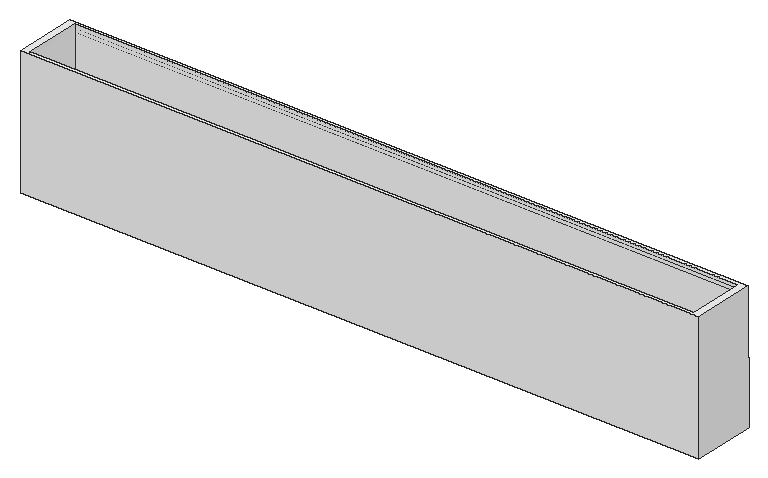
Revit family "2L-S-D", category Lighting Fixtures, host Face, Revit 2014
Parameters (values of type "2L-S-D-02")
  Watts = 12.1 W
  Wattage Comments = "Variable Intensity technology provides specifiable lumen output/wattage"  # constant formula
  Wattage = 12.1 W
  Warranty = "5 years Warranty"  # constant formula
  built-in parameter 1150110 = 1 (stored number, unit not read)
  Voltage = 120 V
  URL = "https://www.hubbell.com/litecontrol/en/"
  built-in parameter 1114217 = 1 (stored number, unit not read)
  Tilt Angle = -90.00°
  built-in parameter 1150109 = 1 (stored number, unit not read)
  built-in parameter 1150134 = (empty or 0)
  built-in parameter 1150113 = 1 (stored number, unit not read)
  Reflector Finish = Hubbell - White Glass
  Product Link = "https://www.hubbell.com/litecontrol/en/Products/Lighting-Controls/Commercial-Indoor-Lighting/Surface-Linear/MOD-2L-LED-Surface-Direct/p/2644688"
  Product Doucmentation Link = "https://hubbellcdn.com/specsheet/2L-S-D.pdf"
  Power Factor = 1
  Photometric Web Link = "https://www.hubbell.com/litecontrol/en/Products/Lighting-Controls/Commercial-Indoor-Lighting/Surface-Linear/MOD-2L-LED-Surface-Direct/p/2644688#prod-photometry-section"
  Photometric Web File = "P-D-02L-04-SOF-35K-D100-CWM-IND-D10-1CWQ-120.ies"
  Photometric Notes = "For more Photometric Web link Please find the above link"
  Model = "2L-S-D"  # constant formula
  Max Length in Row = 2L : 02
  Manufacturer = "LITECONTROL"  # constant formula
  built-in parameter 1150105 = 87.623 (stored number, unit not read)
  Lumens = 1101.1 lm
  built-in parameter 1150115 = 1 (stored number, unit not read)
  Load Classification = Lighting
  built-in parameter 1150137 = (empty or 0)
  built-in parameter 1150139 = (empty or 0)
  built-in parameter 1150112 = 1 (stored number, unit not read)
  built-in parameter 1150114 = 1 (stored number, unit not read)
  Lamp = "LED"  # constant formula
  built-in parameter 1150132 = (empty or 0)
  built-in parameter 1150102 = (empty or 0)
  built-in parameter 1150107 = 3500 (stored number, unit not read)
  built-in parameter 1150138 = (empty or 0)
  built-in parameter 1150106 = 0.87623 (stored number, unit not read)
  Housing Material = Paint - Hubbell - Matte White
  Features = "Variable Intensity technology provides specifiable lumen output/wattage\r\nEnd cap design eliminates visible diffuser seams/gaps\r\n2 SDCM color variation\r\nSpectraSync™ Color Tuning Technology available\r\nNX Distributed Intelligence™ wired and wireless controls capability available"  # constant formula
  Emit from Rectangle Width = 2"  # constant formula
  Emit from Rectangle Length = 24"
  Emit Shape Visible in Rendering = no
  built-in parameter 1150104 = 8.4542 (stored number, unit not read)
  Downlight diffuser = "Soft Diffuse Lens/ Regressed Diffuse Lens/ Blade Baffle with overlay/ Asymmetric Diffuser Lens/ Batwing Lens"  # constant formula
  Fixture distribution = "Direct/Asymmetric Direct"  # constant formula
  Dimming Protocol = "0-10 V, Lutron, DALI"  # constant formula
  Dimming Lamp Color Temperature Shift = <None>
  Description = "MOD 2 LED Surface Direct"  # constant formula
  Default Elevation = 48"
  Copyright = "Copyright © Litecontrol"  # constant formula
  Contact = "https://www.hubbell.com/litecontrol/en/contactUs"
  Connector Description = "Lighting Connector"  # constant formula
  Color Filter = 16777215
  built-in parameter 1114218 = 1 (stored number, unit not read)
  built-in parameter 1150133 = 10 (stored number, unit not read)
  Assembly Code = "D5020200"
  Application = "Commercial indoor, Education, Library, Office, Public Space, Retail"  # constant formula
  Apparent Load = Watts / Power Factor  # 12.1 VA
Types (7): name | Max Length in Row | Emit from Rectangle Length
  (no name) | 2L : 02 | 24"
  2L-S-D-04 | 2L : 04 | 48"
  2L-S-D-02 | 2L : 02 | 24"
  2L-S-D-03 | 2L : 03 | 36"
  2L-S-D-05 | 2L : 05 | 60"
  2L-S-D-06 | 2L : 06 | 72"
  2L-S-D-08 | 2L : 08 | 96"
Reference planes (in)
  plane 1 "Center (Front/Back)": y = 0
  plane 2: z = 0
  plane 3 "Center (Left/Right)": x = 0
Dimensions and locks (in)
  aligned and locked: plane 2 to host face
  aligned and locked: level to host face
  aligned and locked: plane 1 "Center (Front/Back)" to nested 1
  aligned and locked: plane 3 "Center (Left/Right)" to nested 1
  aligned and locked: plane 3 "Center (Left/Right)" to imposter light
Nested families (in)
  nested 1: "2L" at (0, 0, 0), type <- "Max Length in Row", type "02"
Connectors (in)
  electrical at (0, 0, 0), driven by "Load Classification", driven by "Voltage", driven by "Apparent Load", driven by "Power Factor", driven by "Connector Description"
    settings: on nested 1, index 1, voltage 120 V, apparent load 12.1 VA, apparent load phase1 0 VA, apparent load phase2 0 VA, apparent load phase3 0 VA, power factor 1, load classification "Lighting", number of poles 1, system type 30, power factor state 1, is connector primary yes, connector utility no, sub classification motor no, connector description "Lighting Connector"
Definition of nested family "2L"
  Parameters (values of type "08")
    Width = 2.2"  # constant formula
    Wattage Comments = ""
    URL = ""
    Reflector Finish = Hubbell - White Glass
    Housing Material = Paint - Hubbell - Matte White
    Model = ""
    Manufacturer = ""
    Load Classification = Lighting
    Length = 96"
    Lamp = ""
    Height = 4 1/2"  # constant formula
    Description = ""
    Default Elevation = 48"
    Apparent Load = 0 VA  # constant formula
  Types (6): name | Length
    02 | 24"
    03 | 36"
    04 | 48"
    05 | 60"
    08 | 96"
    06 | 72"
  Reference planes (in)
    plane 1 "Center (Front/Back)": y = 0
    plane 2: z = 0
    plane 3 "Center (Left/Right)": x = 0
    plane 4: x = -48
    plane 5: x = 48
    plane 6: x = -47.75
    plane 7: x = 47.75
    plane 8: y = -1.1
    plane 9: y = 1.1
    plane 10: z = 4.25
    plane 11: z = 4.375
    plane 12: z = 4.25
    plane 13: z = 4.5
  Forms (in)
    Extrusion 1, solid
      sketch origin (0, 0, 0) x (1, 0, 0) y (0, 1, 0)
        loop
          line (-48, 48) -> (-48, -48) -> (48, -48) -> (48, 48) -> (-48, 48)
      from 0 to -1.25
    Extrusion 2, solid, material "Paint - Hubbell - Matte White" <- "Housing Material"
      sketch origin (0, 0, 0) x (0, 1, 0) y (0, 0, -1)
        loop
          line (1.1, 0) -> (-1.1, 0) -> (-1.1, -4.5) -> (1.1, -4.5) -> (1.1, 0)
      from -48 to -47.75
    Extrusion 3, solid, material "Paint - Hubbell - Matte White" <- "Housing Material"
      sketch origin (-47.9375, 0, 0) x (0, 1, 0) y (0, 0, -1)
        loop
          line (1.1, 0) -> (-1.1, 0) -> (-1.1, -4.5) -> (1.1, -4.5) -> (1.1, 0)
      from -0.1875 to 0.0625
    Sweep 4, solid, material "Paint - Hubbell - Matte White" <- "Housing Material"
      path origin (0, 0, 0) x (1, 0, 0) y (0, 1, 0)
        loop
          line (-47.75, 0) -> (47.75, 0)
      profile origin (0, 0, 0) x (0, 1, 0) y (0, 0, 1)
        loop
          line (1.01, 4.5) -> (1.01, 0.13598) -> (-1.01, 0.13598) -> (-1.01, 4.5) -> (-1.1, 4.5) -> (-1.1, 0) -> (1.1, 0) -> (1.1, 4.5) -> (1.01, 4.5)
    Extrusion 5, solid, material "Hubbell - White Glass" <- "Reflector Finish"
      sketch origin (0, 0, 0) x (1, 0, 0) y (0, 1, 0)
        loop
          line (-47.75, 1.01) -> (-47.75, -1.00898) -> (47.75, -1.00898) -> (47.75, 1.01) -> (-47.75, 1.01)
      from 4.375 to 4.25
  Cuts and joins
    joined: Extrusion 2, Extrusion 3, Sweep 4
  Dimensions and locks (in)
    equal spacing: plane 4, plane 3 "Center (Left/Right)", plane 5
    "Length": plane 4 to plane 5
    locked: plane 4 to plane 6 at 0.25
    locked: plane 7 to plane 5 at 0.25
    equal spacing: plane 8, plane 1 "Center (Front/Back)", plane 9
    "Width": plane 9 to plane 8
    locked: plane 11 to plane 12 at 0.125
    locked: plane 13 to plane 11 at 0.125
    locked: plane 11 to plane 10 at 0.125
    locked: Sweep 4 sketch curve to Sweep 4 sketch curve at 0.09  (x2)
    "Height": plane 13 to plane 2
    aligned and locked: plane 2 to Extrusion 1
    aligned and locked: level to Extrusion 1
    aligned and locked: plane 5 to Extrusion 2
    aligned and locked: Extrusion 2 to plane 7
    aligned and locked: plane 1 "Center (Front/Back)" to Sweep 4 sketch curve
    aligned and locked: plane 6 to Sweep 4 sketch curve
    aligned and locked: plane 7 to Sweep 4 sketch curve
    aligned and locked: Extrusion 3 sketch curve to plane 8
    aligned and locked: Extrusion 3 sketch curve to plane 9
    aligned and locked: Extrusion 2 sketch curve to plane 9
    aligned and locked: Extrusion 2 sketch curve to plane 8
    aligned and locked: Extrusion 3 to plane 4
    aligned and locked: Extrusion 3 to Sweep 4
    aligned and locked: Sweep 4 to Extrusion 2
    aligned and locked: plane 6 to Extrusion 3
    aligned and locked: Extrusion 5 sketch curve to cut or joined group of Extrusion 2, Extrusion 3, Sweep 4
    aligned and locked: cut or joined group of Extrusion 2, Extrusion 3, Sweep 4 to Extrusion 5 sketch curve  (x2)
    aligned and locked: plane 9 to Sweep 4 sketch curve
    aligned and locked: Sweep 4 sketch curve to plane 8
    aligned and locked: plane 12 to Extrusion 5
    aligned and locked: plane 11 to Extrusion 5
    aligned and locked: plane 13 to cut or joined group of Extrusion 2, Extrusion 3, Sweep 4
  Automatic sketch dimensions
    Extrusion 1 sketch curve to Extrusion 1 sketch curve = 96"  (x2)
    plane 11 to Extrusion 2 sketch curve = 1/8"
    plane 11 to Extrusion 3 sketch curve = 1/8"
    level to Sweep 4 sketch curve = 0"
    Sweep 4 sketch curve to Sweep 4 sketch curve = 0.13598"
    Sweep 4 sketch curve to Sweep 4 sketch curve = 4.36402"
    Sweep 4 sketch curve to Sweep 4 sketch curve = 0"
    plane 8 to Extrusion 5 sketch curve = 0.09102"
    Extrusion 2 sketch curve to level = 0"
    Extrusion 3 sketch curve to level = 0"
